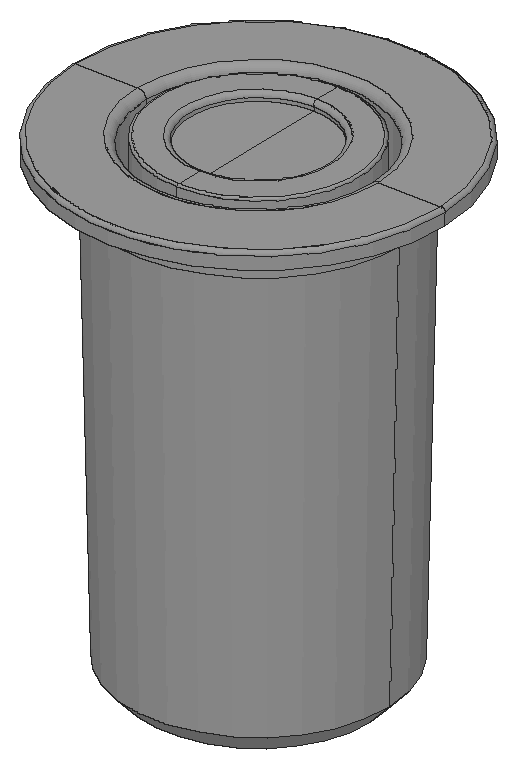
Revit family "0059827 Feilo Sylvania Lighting Fixture SYLFIRE LED G2 WH TLT WW DIM DC", category Lighting Fixtures, host Face, Revit 2017
Family settings
  Host = Face
  Round Connector Dimension = Use Diameter
  Part Type = Normal
  OmniClass Number = 23.80.70.00
  OmniClass Title = Lighting
  Cut with Voids When Loaded = No
  Light Source = No
  Shared = No
  Room Calculation Point = No
Parameters (values of type "0059827 SYLFIRE LED G2 WH TLT WW DIM DC")
  Weight = "9.58 kg"
  Wattage Comments = ""
  WarrantyStartDate [instance] = "n/a"
  WarrantyGuarantorParts = "n/a"
  WarrantyDurationUnit = "n/a"
  WarrantyDurationParts = "n/a"
  WarrantyDescription = "n/a"
  Voltage = 230 V
  URL = "http://www.sylvania-lighting.com"
  TypeName = "SYLFIRE LED G2 WH TLT WW DIM DC"
  TypeHead_FEILO = SylFire Tiltable Head : 0059827 SYLFIRE LED G2 WH TLT WW DIM DC
  Type Image = <None>
  Type Comments = "n/a"
  TiltAngle_FEILO = 0.00°
  SerialNumber [instance] = "n/a"
  Material_3_FEILO = none
  PowerFactor = 0.85
  PowerConsumption = "8 W"
  NominalLength = 92 mm
  NominalHeight = 117 mm
  NominalDepth = 92 mm
  Name = "SYLFIRE LED G2 WH TLT WW DIM DC"
  ModelReference = Name  # "SYLFIRE LED G2 WH TLT WW DIM DC"
  ModelNumber = "0059827"
  Model = Name  # "SYLFIRE LED G2 WH TLT WW DIM DC"
  Material = "n/a"
  ManufacturerName = "Feilo Sylvania"
  Manufacturer = "Feilo Sylvania"
  LuminousEfficacy = "75 lm/W"
  LuminaireType = ""
  LightOutputRatio = "n/a"
  LampsType = Lamp  # "LED"
  LampNominalLuminous = "600 lm"
  LampMacAdamStep = "n/a"
  LampColourTemperature = "3000 K"
  LampColourRenderingIndex = "80"
  Lamp = "LED"
  Keynote = "16500"
  InstallationDate [instance] = "n/a"
  InputVoltage = "220-240V~"
  InputNominalFrequency = "50/60 Hz"
  IngressProtection = "IP20"
  ImpactProtectionIndex = "IK06"
  IfcExportType = "IfcLightFixtureType"
  IfcExportAs = "IfcLightFixtureType"
  ExpectedLife = 50000
  EndAngle_FEILO = TiltAngle_FEILO + 180.00°  # 180.00°
  ElectricShockClassification = "Class II"
  DurationUnit = "hours"
  DocumentationLiterature = "http://www.sylvania-lighting.com/product/en-int/products/0059827"
  DimmingControlOptions = "Non dimmable"
  Material_2_FEILO = LED-Sylvania-SylFire
  Description = "IP20 LED downlight, fire rated for 30, 60 and 90 minutes. 8W up to 620 lumen output."
  Default Elevation = 1219.2 mm
  CreatedOn = "2/15/2018"
  CreatedBy = ""
  Cost = 0
  built-in parameter 1114216 [instance] = (empty or 0)
  ClassificationValue = "EF_70_80"
  ClassificationName = "Uniclass2015"
  Material_1_FEILO = Body-Sylvania-SylFire-White
  BarCode [instance] = "n/a"
  AssetType = "Fixed"
  AssetIdentifier [instance] = "n/a"
  Assembly Code = "D5020200"
  Apparent Load = 8 VA
  Material_4_FEILO = none
Reference planes
  plane 1 "Center (Front/Back)": y = 0
  plane 2: z = 0
  plane 3 "Center (Left/Right)": x = 0
  plane 4: x = -46
  plane 5: x = 46
  plane 6: x = -43
  plane 7: x = 43
  plane 8: z = 4
  plane 9: x = -41
  plane 10: x = -36.6
  plane 11: x = -34.6
  plane 12: z = -7
  plane 13: z = -69
  plane 14: z = -111
  plane 15: z = -116
  plane 16: x = -32.4
  plane 17: x = -27.8
  plane 18: z = -22
Forms (mm)
  Revolve 1, solid, material "Body-Sylvania-SylFire-White" <- "Material_1_FEILO"
    sketch origin (0, 0, 0) x (1, 0, 0) y (0, 0, 1)
      loop
        line (0, -22) -> (-27.8, -22) -> (-27.8, 2)
        arc (-27.8, 2) -> (-28.386, 3.414) -> (-29.8, 4) r 2
        line (-29.8, 4) -> (-45, 4)
        arc (-45, 4) -> (-45.707, 3.707) -> (-46, 3) r 1
        line (-46, 3) -> (-46, 0) -> (-36.6, 0) -> (-36.6, -7) -> (-34.6, -7) -> (-32.4, -111) -> (-27.8, -116) -> (0, -116) -> (0, -22)
      axis (0, 4) -> (0, -116)
    angle from 360 to 0
  Revolve 2, void
    sketch origin (0, 0, 0) x (1, 0, 0) y (0, 0, 1)
      loop
        line (0, 0) -> (-43, 0) -> (-43, -116) -> (0, -116) -> (0, 0)
      axis (0, 0) -> (0, -116)
    angle from 360 to 0
  Revolve 3, solid
    sketch origin (1223.4, -4572, -7) x (0, -1, 0) y (1, 0, 0)
      loop
        line (-4572, -1223.4) -> (-4577, -1223.4) -> (-4577, -1236.572) -> (-4572, -1236.572) -> (-4572, -1223.4)
      axis (-4572, -1223.4) -> (-4572, -1236.572)
    angle from 0 <- "TiltAngle_FEILO" to 180 <- "EndAngle_FEILO"
Dimensions and locks
  equal spacing: plane 7, plane 3 "Center (Left/Right)", plane 6
  locked: plane 7 to plane 6 at 86
  equal spacing: plane 5, plane 3 "Center (Left/Right)", plane 4
  locked: plane 5 to plane 4 at 92
  locked: plane 8 to plane 2 at 4
  locked: plane 2 to plane 12 at 7
  locked: plane 12 to plane 13 at 62
  locked: plane 3 "Center (Left/Right)" to plane 4 at 46
  locked: plane 2 to plane 18 at 22
  locked: plane 3 "Center (Left/Right)" to plane 17 at 27.8
  locked: plane 3 "Center (Left/Right)" to plane 16 at 32.4
  locked: plane 3 "Center (Left/Right)" to plane 11 at 34.6
  locked: plane 3 "Center (Left/Right)" to plane 10 at 36.6
  locked: plane 3 "Center (Left/Right)" to plane 9 at 41
  locked: plane 3 "Center (Left/Right)" to plane 6 at 43
  aligned and locked: plane 2 to host face
  aligned and locked: level to host face
  aligned and locked: Revolve 1 sketch curve to plane 3 "Center (Left/Right)"
  aligned and locked: plane 3 "Center (Left/Right)" to Revolve 1 sketch curve  (x2)
  aligned and locked: Revolve 1 sketch curve to plane 18
  aligned and locked: plane 17 to Revolve 1 sketch curve  (x2)
  aligned and locked: Revolve 1 sketch curve to plane 8
  aligned and locked: level to Revolve 1 sketch curve
  aligned and locked: Revolve 1 sketch curve to plane 4
  aligned and locked: Revolve 1 sketch curve to plane 10
  aligned and locked: plane 12 to Revolve 1 sketch curve
  aligned and locked: plane 16 to Revolve 1 sketch curve
  aligned and locked: plane 15 to Revolve 1 sketch curve
  aligned and locked: Revolve 2 sketch curve to plane 3 "Center (Left/Right)"
  aligned and locked: Revolve 2 sketch curve to Revolve 1
  aligned and locked: plane 3 "Center (Left/Right)" to Revolve 2 sketch curve
  aligned and locked: plane 15 to Revolve 2 sketch curve
  aligned and locked: Revolve 2 sketch curve to plane 6
  aligned and locked: Revolve 3 sketch curve to plane 1 "Center (Front/Back)"
  aligned and locked: Revolve 3 sketch curve to Revolve 3 sketch curve
  aligned and locked: plane 3 "Center (Left/Right)" to Revolve 3 sketch curve
  aligned and locked: plane 3 "Center (Left/Right)" to nested 1
Automatic sketch dimensions
  host sketch curve to host sketch curve = 2438.4 mm  (x2)
  Revolve 1 sketch curve to plane 11 = 0 mm
  Revolve 1 sketch curve to plane 14 = 0 mm
  plane 4 to Revolve 1 sketch curve = 1 mm
  plane 8 to Revolve 1 sketch curve = 2 mm
  plane 15 to Revolve 1 sketch curve = 493.6 mm
  Revolve 1 sketch curve to plane 8 = 2606.058 mm
  plane 15 to Revolve 2 sketch curve = 493.6 mm
  Revolve 2 sketch curve to plane 8 = 2606.058 mm
  Revolve 3 sketch curve to plane 1 "Center (Front/Back)" = 5 mm
  Revolve 3 sketch curve to Revolve 3 sketch curve = 13.172 mm
  Revolve 3 sketch curve to plane 4 = 1478 mm
  plane 5 to Revolve 3 sketch curve = 1478 mm
Nested families
  nested 1: "SylFire Tiltable Head" at (0, 0, -7) x (0, 1, 0) z (0, 0, 1), type <- "TypeHead_FEILO", type "0059827 SYLFIRE LED G2 WH TLT WW DIM DC"
    with built-in parameter 1114216 (empty or 0)
Connectors
  electrical at (0, 0, 0), driven by "Apparent Load", driven by "PowerFactor", driven by "Voltage"
    settings: index 1, voltage 230 V, apparent load 8 VA, apparent load phase1 0 VA, apparent load phase2 0 VA, apparent load phase3 0 VA, power factor 0.85, load classification "Lighting", number of poles 1, system type 30, power factor state 1, is connector primary yes, connector utility no, sub classification motor no, connector description ""
Definition of nested family "SylFire Tiltable Head"
  Parameters (values of type "0059827 SYLFIRE LED G2 WH TLT WW DIM DC")
    Wattage Comments = "n/a"
    Wattage = 8 W
    built-in parameter 1150110 = 1 (stored number, unit not read)
    URL = "http://www.feilosylvania.com"
    Type Image = (empty or 0)
    Type Comments = "n/a"
    built-in parameter 1114217 = 1 (stored number, unit not read)
    Tilt Angle = -90.00°
    built-in parameter 1150109 = 1 (stored number, unit not read)
    built-in parameter 1150134 = (empty or 0)
    built-in parameter 1150113 = 1 (stored number, unit not read)
    Photometric Web File = "0059827.ies"
    built-in parameter 1150142 = "IESNA:LM-63-2002\r\n[MANUFAC] \r\n[_EULUMDAT_ITYP] 1\r\n[_EULUMDAT_HDIST] 30\r\n[_EULUMD_VDIST] 1\r\n[TEST] 201712069-1\r\n[LUMINAIRE] LED天花灯\r\n[LUMCAT] 201712069-1\r\n[_EULUM_FILENAME] 201712069-1 LED G2WH TLT WW DIM DC(P034057).ldt\r\n[ISSUEDATE] 2017-11-16/汪亮\r\n[_EULUM_AREALENGTH] 40\r\n[_EULUM_AREAWIDTH] 40\r\n[_EULUM_C0_LUM] 0\r\n[_EULUM_C90_LUM] 0\r\n[_EULUM_C180_LUM] 0\r\n[_EULUM_C270_LUM] 0\r\n[_EULUM_DOWN_FLUX] 100\r\n[_EULUM_EFFICIENCY] 100\r\n[_EULUM_CONV] 1\r\n[_EULUM_TILT] 0.0\r\n[_EULUM_LAMP_1_NUM] 1\r\n[_EULUM_LAMP_1_TYPE] LED 8W\r\n[_EULUM_LAMP_1_FLUX] 726.9\r\n[_EULUM_LAMP_1_COLOR] \r\n[_EULUM_LAMP_1_CRG] \r\n[_EULUM_LAMP_1_WATTS] 8.0\r\n[LAMP] LED 8W\r\n[_EULUM_DR_0] 0.719\r\n[_EULUM_DR_1] 0.795\r\n[_EULUM_DR_2] 0.839\r\n[_EULUM_DR_3] 0.88\r\n[_EULUM_DR_4] 0.907\r\n[_EULUM_DR_5] 0.929\r\n[_EULUM_DR_6] 0.94\r\n[_EULUM_DR_7] 0.954\r\n[_EULUM_DR_8] 0.972\r\n[_EULUM_DR_9] 0.983\r\nTILT=NONE\r\n1 726.9 1 181 4 1 2 0.04 0.04 0\r\n1 1 8\r\n0 1 2 3 4 5 6 7 8 9 10 11 12 13 14 15 16 17 18 19 20 21 22 23 24 25 26 27 28 29 30 31 32 33 34 35 36 37 38 39 40 41 42 43 44 45 46 47 48 49 50 51 52 53 54 55 56 57 58 59 60 61 62 63 64 65 66 67 68 69 70 71 72 73 74 75 76 77 78 79 80 81 82 83 84 85 86 87 \r\n88 89 90 91 92 93 94 95 96 97 98 99 100 101 102 103 104 105 106 107 108 109 110 111 112 113 114 115 116 117 118 119 120 121 122 123 124 125 126 127 128 129 130 131 132 133 134 135 136 137 138 139 140 141 142 143 144 145 146 147 148 149 150 151 152 153 154\r\n 155 156 157 158 159 160 161 162 163 164 165 166 167 168 169 170 171 172 173 174 175 176 177 178 179 180\r\n0 30 60 90\r\n1254.084 1247.36 1249.541 1228.461 1219.011 1183.393 1157.225 1131.057 1107.069 1069.27 1032.198 1016.933 983.496 947.878 920.255 892.633 854.834 797.409 742.892 698.333 658.571 627.751 593.078 558.259 530.492 491.748 457.002 425.091 391.436 358.434 \r\n318.019 284.363 251.435 218.506 187.686 161.59 139.856 120.593 103.438 89.554 76.761 67.035 58.799 51.385 44.741 39.165 33.118 27.935 24.148 21.153 19.11 17.496 16.035 14.662 13.92 12.982 12.568 12.176 11.601 10.925 10.286 9.791 9.566 9.29 8.963 8.585 \r\n8.105 7.654 7.009 6.537 5.99 5.384 4.971 4.63 4.264 3.925 3.594 3.316 2.954 2.655 2.297 1.955 1.613 1.241 0.841 0.312 0.004 0.00 0.00 0.00 0.00 0.00 0.00 0.00 0.00 0.00 0.00 0.00 0.00 0.00 0.00 0.00 0.00 0.00 0.00 0.00 0.00 0.00 0.00 0.00 0.00 0.00 0.00 \r\n0.00 0.00 0.00 0.00 0.00 0.00 0.00 0.00 0.00 0.00 0.00 0.00 0.00 0.00 0.00 0.00 0.00 0.00 0.00 0.00 0.00 0.00 0.00 0.00 0.00 0.00 0.00 0.00 0.00 0.00 0.00 0.00 0.00 0.00 0.00 0.00 0.00 0.00 0.00 0.00 0.00 0.00 0.00 0.00 0.00 0.00 0.00 0.00 0.00 0.00 0.00 \r\n0.00 0.00 0.00 0.00 0.00 0.00 0.00 0.00 0.00 0.00 0.00 0.00 0.00 0.00 0.00 0.00 0.00\r\n1254.084 1239.365 1251.722 1235.003 1219.738 1210.289 1202.293 1174.67 1162.313 1131.057 1107.069 1073.631 1051.824 1008.937 962.416 920.982 859.196 803.951 747.253 701.022 654.137 631.603 588.934 555.279 516.826 478.30 438.757 395.87 362.941 327.396 \r\n294.54 260.666 231.227 206.73 181.725 163.989 147.561 131.86 115.286 100.966 88.10 77.633 67.74 59.184 51.85 45.518 40.001 35.647 31.693 28.037 24.758 22.643 19.866 18.921 17.249 15.919 14.989 13.833 13.048 12.43 11.805 11.122 10.562 10.249 9.857 9.173 \r\n8.716 8.192 7.632 7.036 6.388 5.977 5.425 4.976 4.614 4.28 4.002 3.584 3.276 2.908 2.533 2.03 1.49 0.925 0.20 0.00 0.00 0.00 0.00 0.00 0.00 0.00 0.00 0.00 0.00 0.00 0.00 0.00 0.00 0.00 0.00 0.00 0.00 0.00 0.00 0.00 0.00 0.00 0.00 0.00 0.00 0.00 0.00 0.00 \r\n0.00 0.00 0.00 0.00 0.00 0.00 0.00 0.00 0.00 0.00 0.00 0.00 0.00 0.00 0.00 0.00 0.00 0.00 0.00 0.00 0.00 0.00 0.00 0.00 0.00 0.00 0.00 0.00 0.00 0.00 0.00 0.00 0.00 0.00 0.00 0.00 0.00 0.00 0.00 0.00 0.00 0.00 0.00 0.00 0.00 0.00 0.00 0.00 0.00 0.00 0.00 \r\n0.00 0.00 0.00 0.00 0.00 0.00 0.00 0.00 0.00 0.00 0.00 0.00 0.00 0.00 0.00 0.00\r\n1254.084 1248.814 1252.449 1232.096 1211.742 1193.57 1173.944 1159.406 1136.145 1125.968 1101.254 1085.262 1054.732 1019.114 985.676 947.151 889.726 835.935 785.779 729.808 697.897 661.043 623.898 579.339 535.943 487.968 444.717 399.795 357.635 315.693 \r\n279.638 247.146 214.581 189.067 166.169 144.435 125.972 111.288 96.169 84.248 74.289 65.617 58.254 51.435 46.776 40.939 37.312 33.757 30.275 27.557 24.598 23.304 21.494 20.048 17.962 16.435 15.178 14.196 13.688 13.15 12.43 11.848 11.216 10.635 10.024 \r\n9.566 8.999 8.49 7.93 7.40 6.854 6.315 5.902 5.484 5.029 4.714 4.272 3.802 3.307 2.698 2.064 1.449 0.315 0.002 0.00 0.00 0.00 0.00 0.00 0.00 0.00 0.00 0.00 0.00 0.00 0.00 0.00 0.00 0.00 0.00 0.00 0.00 0.00 0.00 0.00 0.00 0.00 0.00 0.00 0.00 0.00 0.00 0.00\r\n 0.00 0.00 0.00 0.00 0.00 0.00 0.00 0.00 0.00 0.00 0.00 0.00 0.00 0.00 0.00 0.00 0.00 0.00 0.00 0.00 0.00 0.00 0.00 0.00 0.00 0.00 0.00 0.00 0.00 0.00 0.00 0.00 0.00 0.00 0.00 0.00 0.00 0.00 0.00 0.00 0.00 0.00 0.00 0.00 0.00 0.00 0.00 0.00 0.00 0.00 0.00\r\n 0.00 0.00 0.00 0.00 0.00 0.00 0.00 0.00 0.00 0.00 0.00 0.00 0.00 0.00 0.00 0.00 0.00\r\n1254.084 1240.818 1257.537 1240.818 1234.276 1208.108 1195.024 1138.325 1119.426 1095.438 1101.98 1077.266 1077.993 1035.833 1011.118 947.878 897.722 843.204 786.506 731.261 684.013 649.485 600.056 554.043 503.306 452.568 411.934 371.082 332.775 298.029 \r\n265.319 238.205 215.017 191.974 172.784 155.629 139.419 122.846 105.328 92.026 80.177 71.367 63.109 55.79 48.971 43.861 39.078 35.545 32.093 28.902 26.503 24.518 22.672 21.429 19.961 18.521 16.951 15.556 14.72 14.00 13.062 12.241 11.863 11.485 10.983 \r\n10.315 9.719 9.224 8.759 8.105 7.502 7.031 6.377 5.892 5.458 5.057 4.641 4.056 3.456 2.831 2.144 1.473 0.382 0.00 0.00 0.00 0.00 0.00 0.00 0.00 0.00 0.00 0.00 0.00 0.00 0.00 0.00 0.00 0.00 0.00 0.00 0.00 0.00 0.00 0.00 0.00 0.00 0.00 0.00 0.00 0.00 0.00 \r\n0.00 0.00 0.00 0.00 0.00 0.00 0.00 0.00 0.00 0.00 0.00 0.00 0.00 0.00 0.00 0.00 0.00 0.00 0.00 0.00 0.00 0.00 0.00 0.00 0.00 0.00 0.00 0.00 0.00 0.00 0.00 0.00 0.00 0.00 0.00 0.00 0.00 0.00 0.00 0.00 0.00 0.00 0.00 0.00 0.00 0.00 0.00 0.00 0.00 0.00 0.00 \r\n0.00 0.00 0.00 0.00 0.00 0.00 0.00 0.00 0.00 0.00 0.00 0.00 0.00 0.00 0.00 0.00 0.00 0.00\r\n"
    Material_3_FEILO = none
    Model = "SYLFIRE LED G2 WH TLT WW DIM DC"
    Manufacturer = "Feilo Sylvania"
    built-in parameter 1150105 = 1038 (stored number, unit not read)
    Lumens = 600 lm
    built-in parameter 1150115 = 1 (stored number, unit not read)
    built-in parameter 1150137 = (empty or 0)
    built-in parameter 1150139 = (empty or 0)
    built-in parameter 1150112 = 1 (stored number, unit not read)
    built-in parameter 1150114 = 1 (stored number, unit not read)
    Lamp = "LED"
    Keynote = "16500"
    Material_2_FEILO = none
    built-in parameter 1150132 = (empty or 0)
    built-in parameter 1150102 = (empty or 0)
    built-in parameter 1150107 = 3000 (stored number, unit not read)
    built-in parameter 1150138 = (empty or 0)
    built-in parameter 1150106 = 10.38 (stored number, unit not read)
    Emit from Circle Diameter = 34 mm
    Emit Shape Visible in Rendering = no
    built-in parameter 1150104 = 6.9677 (stored number, unit not read)
    Dimming Lamp Color Temperature Shift = (empty or 0)
    Description = "IP20 LED downlight, fire rated for 30, 60 and 90 minutes. 8W up to 620 lumen output."
    Default Elevation = 1219.2 mm
    Cost = 0
    Color Filter = 16777215
    built-in parameter 1114216 [instance] = (empty or 0)
    Material_1_FEILO = none
    built-in parameter 1114218 = 1 (stored number, unit not read)
    built-in parameter 1150133 = 10 (stored number, unit not read)
    Assembly Code = "D5020200"
    Apparent Load = 8 VA
    Material_4_FEILO = none
  Types (2, lengths in mm): name | built-in parameter 1150134 | Photometric Web File | built-in parameter 1150142 | Model | built-in parameter 1150105 | Lumens | built-in parameter 1150107 | built-in parameter 1150106 | built-in parameter 1150104
    0059827 SYLFIRE LED G2 WH TLT WW DIM DC | (empty or 0) | "0059827.ies" | "IESNA:LM-63-2002\r\n[MANUFAC] \r\n[_EULUMDAT_ITYP] 1\r\n[_EULUMDAT_HDIST] 30\r\n[_EULUMD_VDIST] 1\r\n[TEST] 201712069-1\r\n[LUMINAIRE] LED天花灯\r\n[LUMCAT] 201712069-1\r\n[_EULUM_FILENAME] 201712069-1 LED G2WH TLT WW DIM DC(P034057).ldt\r\n[ISSUEDATE] 2017-11-16/汪亮\r\n[_EULUM_AREALENGTH] 40\r\n[_EULUM_AREAWIDTH] 40\r\n[_EULUM_C0_LUM] 0\r\n[_EULUM_C90_LUM] 0\r\n[_EULUM_C180_LUM] 0\r\n[_EULUM_C270_LUM] 0\r\n[_EULUM_DOWN_FLUX] 100\r\n[_EULUM_EFFICIENCY] 100\r\n[_EULUM_CONV] 1\r\n[_EULUM_TILT] 0.0\r\n[_EULUM_LAMP_1_NUM] 1\r\n[_EULUM_LAMP_1_TYPE] LED 8W\r\n[_EULUM_LAMP_1_FLUX] 726.9\r\n[_EULUM_LAMP_1_COLOR] \r\n[_EULUM_LAMP_1_CRG] \r\n[_EULUM_LAMP_1_WATTS] 8.0\r\n[LAMP] LED 8W\r\n[_EULUM_DR_0] 0.719\r\n[_EULUM_DR_1] 0.795\r\n[_EULUM_DR_2] 0.839\r\n[_EULUM_DR_3] 0.88\r\n[_EULUM_DR_4] 0.907\r\n[_EULUM_DR_5] 0.929\r\n[_EULUM_DR_6] 0.94\r\n[_EULUM_DR_7] 0.954\r\n[_EULUM_DR_8] 0.972\r\n[_EULUM_DR_9] 0.983\r\nTILT=NONE\r\n1 726.9 1 181 4 1 2 0.04 0.04 0\r\n1 1 8\r\n0 1 2 3 4 5 6 7 8 9 10 11 12 13 14 15 16 17 18 19 20 21 22 23 24 25 26 27 28 29 30 31 32 33 34 35 36 37 38 39 40 41 42 43 44 45 46 47 48 49 50 51 52 53 54 55 56 57 58 59 60 61 62 63 64 65 66 67 68 69 70 71 72 73 74 75 76 77 78 79 80 81 82 83 84 85 86 87 \r\n88 89 90 91 92 93 94 95 96 97 98 99 100 101 102 103 104 105 106 107 108 109 110 111 112 113 114 115 116 117 118 119 120 121 122 123 124 125 126 127 128 129 130 131 132 133 134 135 136 137 138 139 140 141 142 143 144 145 146 147 148 149 150 151 152 153 154\r\n 155 156 157 158 159 160 161 162 163 164 165 166 167 168 169 170 171 172 173 174 175 176 177 178 179 180\r\n0 30 60 90\r\n1254.084 1247.36 1249.541 1228.461 1219.011 1183.393 1157.225 1131.057 1107.069 1069.27 1032.198 1016.933 983.496 947.878 920.255 892.633 854.834 797.409 742.892 698.333 658.571 627.751 593.078 558.259 530.492 491.748 457.002 425.091 391.436 358.434 \r\n318.019 284.363 251.435 218.506 187.686 161.59 139.856 120.593 103.438 89.554 76.761 67.035 58.799 51.385 44.741 39.165 33.118 27.935 24.148 21.153 19.11 17.496 16.035 14.662 13.92 12.982 12.568 12.176 11.601 10.925 10.286 9.791 9.566 9.29 8.963 8.585 \r\n8.105 7.654 7.009 6.537 5.99 5.384 4.971 4.63 4.264 3.925 3.594 3.316 2.954 2.655 2.297 1.955 1.613 1.241 0.841 0.312 0.004 0.00 0.00 0.00 0.00 0.00 0.00 0.00 0.00 0.00 0.00 0.00 0.00 0.00 0.00 0.00 0.00 0.00 0.00 0.00 0.00 0.00 0.00 0.00 0.00 0.00 0.00 \r\n0.00 0.00 0.00 0.00 0.00 0.00 0.00 0.00 0.00 0.00 0.00 0.00 0.00 0.00 0.00 0.00 0.00 0.00 0.00 0.00 0.00 0.00 0.00 0.00 0.00 0.00 0.00 0.00 0.00 0.00 0.00 0.00 0.00 0.00 0.00 0.00 0.00 0.00 0.00 0.00 0.00 0.00 0.00 0.00 0.00 0.00 0.00 0.00 0.00 0.00 0.00 \r\n0.00 0.00 0.00 0.00 0.00 0.00 0.00 0.00 0.00 0.00 0.00 0.00 0.00 0.00 0.00 0.00 0.00\r\n1254.084 1239.365 1251.722 1235.003 1219.738 1210.289 1202.293 1174.67 1162.313 1131.057 1107.069 1073.631 1051.824 1008.937 962.416 920.982 859.196 803.951 747.253 701.022 654.137 631.603 588.934 555.279 516.826 478.30 438.757 395.87 362.941 327.396 \r\n294.54 260.666 231.227 206.73 181.725 163.989 147.561 131.86 115.286 100.966 88.10 77.633 67.74 59.184 51.85 45.518 40.001 35.647 31.693 28.037 24.758 22.643 19.866 18.921 17.249 15.919 14.989 13.833 13.048 12.43 11.805 11.122 10.562 10.249 9.857 9.173 \r\n8.716 8.192 7.632 7.036 6.388 5.977 5.425 4.976 4.614 4.28 4.002 3.584 3.276 2.908 2.533 2.03 1.49 0.925 0.20 0.00 0.00 0.00 0.00 0.00 0.00 0.00 0.00 0.00 0.00 0.00 0.00 0.00 0.00 0.00 0.00 0.00 0.00 0.00 0.00 0.00 0.00 0.00 0.00 0.00 0.00 0.00 0.00 0.00 \r\n0.00 0.00 0.00 0.00 0.00 0.00 0.00 0.00 0.00 0.00 0.00 0.00 0.00 0.00 0.00 0.00 0.00 0.00 0.00 0.00 0.00 0.00 0.00 0.00 0.00 0.00 0.00 0.00 0.00 0.00 0.00 0.00 0.00 0.00 0.00 0.00 0.00 0.00 0.00 0.00 0.00 0.00 0.00 0.00 0.00 0.00 0.00 0.00 0.00 0.00 0.00 \r\n0.00 0.00 0.00 0.00 0.00 0.00 0.00 0.00 0.00 0.00 0.00 0.00 0.00 0.00 0.00 0.00\r\n1254.084 1248.814 1252.449 1232.096 1211.742 1193.57 1173.944 1159.406 1136.145 1125.968 1101.254 1085.262 1054.732 1019.114 985.676 947.151 889.726 835.935 785.779 729.808 697.897 661.043 623.898 579.339 535.943 487.968 444.717 399.795 357.635 315.693 \r\n279.638 247.146 214.581 189.067 166.169 144.435 125.972 111.288 96.169 84.248 74.289 65.617 58.254 51.435 46.776 40.939 37.312 33.757 30.275 27.557 24.598 23.304 21.494 20.048 17.962 16.435 15.178 14.196 13.688 13.15 12.43 11.848 11.216 10.635 10.024 \r\n9.566 8.999 8.49 7.93 7.40 6.854 6.315 5.902 5.484 5.029 4.714 4.272 3.802 3.307 2.698 2.064 1.449 0.315 0.002 0.00 0.00 0.00 0.00 0.00 0.00 0.00 0.00 0.00 0.00 0.00 0.00 0.00 0.00 0.00 0.00 0.00 0.00 0.00 0.00 0.00 0.00 0.00 0.00 0.00 0.00 0.00 0.00 0.00\r\n 0.00 0.00 0.00 0.00 0.00 0.00 0.00 0.00 0.00 0.00 0.00 0.00 0.00 0.00 0.00 0.00 0.00 0.00 0.00 0.00 0.00 0.00 0.00 0.00 0.00 0.00 0.00 0.00 0.00 0.00 0.00 0.00 0.00 0.00 0.00 0.00 0.00 0.00 0.00 0.00 0.00 0.00 0.00 0.00 0.00 0.00 0.00 0.00 0.00 0.00 0.00\r\n 0.00 0.00 0.00 0.00 0.00 0.00 0.00 0.00 0.00 0.00 0.00 0.00 0.00 0.00 0.00 0.00 0.00\r\n1254.084 1240.818 1257.537 1240.818 1234.276 1208.108 1195.024 1138.325 1119.426 1095.438 1101.98 1077.266 1077.993 1035.833 1011.118 947.878 897.722 843.204 786.506 731.261 684.013 649.485 600.056 554.043 503.306 452.568 411.934 371.082 332.775 298.029 \r\n265.319 238.205 215.017 191.974 172.784 155.629 139.419 122.846 105.328 92.026 80.177 71.367 63.109 55.79 48.971 43.861 39.078 35.545 32.093 28.902 26.503 24.518 22.672 21.429 19.961 18.521 16.951 15.556 14.72 14.00 13.062 12.241 11.863 11.485 10.983 \r\n10.315 9.719 9.224 8.759 8.105 7.502 7.031 6.377 5.892 5.458 5.057 4.641 4.056 3.456 2.831 2.144 1.473 0.382 0.00 0.00 0.00 0.00 0.00 0.00 0.00 0.00 0.00 0.00 0.00 0.00 0.00 0.00 0.00 0.00 0.00 0.00 0.00 0.00 0.00 0.00 0.00 0.00 0.00 0.00 0.00 0.00 0.00 \r\n0.00 0.00 0.00 0.00 0.00 0.00 0.00 0.00 0.00 0.00 0.00 0.00 0.00 0.00 0.00 0.00 0.00 0.00 0.00 0.00 0.00 0.00 0.00 0.00 0.00 0.00 0.00 0.00 0.00 0.00 0.00 0.00 0.00 0.00 0.00 0.00 0.00 0.00 0.00 0.00 0.00 0.00 0.00 0.00 0.00 0.00 0.00 0.00 0.00 0.00 0.00 \r\n0.00 0.00 0.00 0.00 0.00 0.00 0.00 0.00 0.00 0.00 0.00 0.00 0.00 0.00 0.00 0.00 0.00 0.00\r\n" | "SYLFIRE LED G2 WH TLT WW DIM DC" | 1038 (stored number, unit not read) | 600 lm | 3000 (stored number, unit not read) | 10.38 (stored number, unit not read) | 6.9677 (stored number, unit not read)
